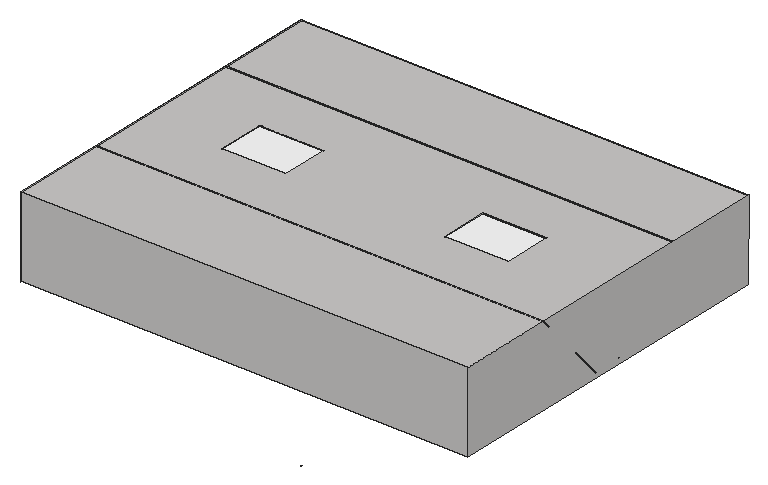
Revit family "QF_ELECTROLUXPROFESSIONAL_642014_EC2228T", category Specialty Equipment, Revit 2014
Reference planes
  plane 1: z = 0
  plane 2 "Center (Left/Right)": x = 150
  plane 3 "LEFT": x = -1250
  plane 4 "RIGHT": x = 1550
  plane 5 "BACK": y = 550
  plane 6 "TOP": z = 2500
  plane 7 "Base": z = 2000
  plane 8: z = 1946
  plane 9: x = -1247
  plane 10 "DrainX": x = 1399
  plane 11 "AOLeft2": x = -350
  plane 12 "AORight1": x = 650
  plane 13: x = 1547
  plane 14: x = -1050
  plane 15: x = 1350
  plane 16: x = 50
  plane 17: x = 250
  plane 18 "AOLeft1": x = -750
  plane 19 "AORight2": x = 1050
  plane 20: y = -400
  plane 21: through (0, -127.846, 2402.468) normal (0, -0.753, 0.6581)
  plane 22: through (0, -972.152, 2402.468) normal (0, -0.753, -0.6581)
  plane 23: y = -700
  plane 24 "Center (Front/Back)": y = -550
  plane 25: y = -1650
Forms (mm)
  Extrusion 1, solid, material "QF_Finishes_Stainless Steel"
    sketch origin (-1250, 0, 360) x (0, 1, 0) y (0, 0, 1)
      loop
        line (550, 1640) -> (550, 2140) -> (-1650, 2140) -> (-1650, 1640) -> (550, 1640)
    from 0 to 3
  Extrusion 2, solid, material "QF_Finishes_Stainless Steel"
    sketch origin (1550, 0, 360) x (0, 1, 0) y (0, 0, 1)
      loop
        line (550, 1640) -> (550, 2140) -> (-1650, 2140) -> (-1650, 1640) -> (550, 1640)
    from 0 to -3
  Extrusion 3, solid, material "QF_Finishes_Stainless Steel"
    sketch origin (150, 0, 360) x (0, 1, 0) y (0, 0, 1)
      loop
        line (-1650, 2140) -> (-1650, 1640) -> (-1640, 1640) -> (-1640, 1640.8) -> (-1649.2, 1640.8) -> (-1649.2, 2139.19) -> (549.2, 2139.19) -> (549.2, 1640.8) -> (540, 1640.8) -> (540, 1640) -> (550, 1640) -> (550, 2140) -> (-1650, 2140)
    from -1400 to 1400
  Extrusion 4, void
    sketch origin (0, 0, 2500) x (0, 1, 0) y (-1, 0, 0)
      loop
        line (-400, 350) -> (-400, 750) -> (-700, 750) -> (-700, 350) -> (-400, 350)
    from 0 to -10
  Extrusion 5, solid, material "QF_Finishes_Stainless Steel"
    sketch origin (0, 0, 0) x (1, 0, 0) y (0, 1, 0)
      loop
        line (-1250, 550) -> (-1250, 549) -> (-1249, 549) -> (-1249, 550) -> (-1250, 550)
    from 0 to 1
  Extrusion 6, solid, material "QF_Finishes_Stainless Steel"
    sketch origin (150, -400, 360) x (0, 1, 0) y (0, 0, 1)
      loop
        line (-79.471, 1685.734) -> (-56.882, 1665.992) -> (272.154, 2042.468) -> (249.566, 2062.21) -> (-79.471, 1685.734)
      loop
        line (-572.152, 2042.468) -> (-243.115, 1665.992) -> (-220.526, 1685.734) -> (-549.563, 2062.21) -> (-572.152, 2042.468)
    from -1200 to -1397
  Extrusion 7, solid, material "QF_Finishes_Stainless Steel"
    sketch origin (150, -400, 360) x (0, 1, 0) y (0, 0, 1)
      loop
        line (360.354, 2141.454) -> (357.903, 2143.511) -> (264.331, 2031.996) -> (266.169, 2030.453) -> (357.41, 2139.19) -> (358.454, 2139.19) -> (360.354, 2141.454)
      loop
        line (-560.354, 2022.279) -> (-557.903, 2024.336) -> (-564.331, 2031.996) -> (-566.169, 2030.453) -> (-657.41, 2139.19) -> (-658.454, 2139.19) -> (-560.354, 2022.279)
      loop
        arc (-83.944, 1704.554) -> (-84.545, 1704.706) -> (-85.077, 1704.389) r 0.81
        line (-85.077, 1704.389) -> (-99.535, 1684.991) -> (-116.611, 1687.002) -> (-113.609, 1712.615) -> (-114.407, 1712.708) -> (-117.406, 1687.095)
        arc (-117.406, 1687.095) -> (-117.237, 1686.499) -> (-116.695, 1686.197) r 0.81
        line (-116.695, 1686.197) -> (-99.628, 1684.196)
        arc (-99.628, 1684.196) -> (-99.213, 1684.257) -> (-98.884, 1684.517) r 0.81
        line (-98.884, 1684.517) -> (-84.436, 1703.911) -> (-73.692, 1695.919) -> (-99.855, 1660.79) -> (-200.145, 1660.79) -> (-226.308, 1695.919) -> (-215.564, 1703.911) -> (-201.116, 1684.517)
        arc (-201.116, 1684.517) -> (-200.787, 1684.257) -> (-200.372, 1684.196) r 0.81
        line (-200.372, 1684.196) -> (-183.305, 1686.197)
        arc (-183.305, 1686.197) -> (-182.763, 1686.499) -> (-182.594, 1687.095) r 0.81
        line (-182.594, 1687.095) -> (-185.593, 1712.708) -> (-186.391, 1712.615) -> (-183.389, 1687.002) -> (-200.465, 1684.991) -> (-214.923, 1704.389)
        arc (-214.923, 1704.389) -> (-215.455, 1704.706) -> (-216.056, 1704.554) r 0.81
        line (-216.056, 1704.554) -> (-226.786, 1696.561)
        arc (-226.786, 1696.561) -> (-227.103, 1696.028) -> (-226.951, 1695.427) r 0.81
        line (-226.951, 1695.427) -> (-200.843, 1660.381)
        arc (-200.843, 1660.381) -> (-200.5, 1660.093) -> (-200.063, 1659.99) r 0.972
        line (-200.063, 1659.99) -> (-99.951, 1659.99)
        arc (-99.951, 1659.99) -> (-99.502, 1660.096) -> (-99.149, 1660.393) r 1
        line (-99.149, 1660.393) -> (-73.049, 1695.427)
        arc (-73.049, 1695.427) -> (-72.897, 1696.028) -> (-73.214, 1696.561) r 0.81
        line (-73.214, 1696.561) -> (-83.944, 1704.554)
    from -1397 to 1397
  Extrusion 8, solid, material "QF_Finishes_Stainless Steel"
    sketch origin (150, -400, 360) x (0, 1, 0) y (0, 0, 1)
      loop
        line (272.154, 2042.468) -> (249.566, 2062.21) -> (-79.471, 1685.734) -> (-56.882, 1665.992) -> (272.154, 2042.468)
      loop
        line (-572.154, 2042.468) -> (-243.118, 1665.992) -> (-220.529, 1685.734) -> (-549.566, 2062.21) -> (-572.154, 2042.468)
    from 1397 to 1200
  Extrusion 9, solid, material "QF_Finishes_Stainless Steel"
    sketch origin (150, -400, 360) x (0, 1, 0) y (0, 0, 1)
      loop
        line (272.154, 2042.468) -> (249.566, 2062.21) -> (-79.471, 1685.734) -> (-56.882, 1665.992) -> (272.154, 2042.468)
      loop
        line (-572.154, 2042.468) -> (-243.118, 1665.992) -> (-220.529, 1685.734) -> (-549.566, 2062.21) -> (-572.154, 2042.468)
    from -100 to 100
  Extrusion 10, solid, material "QF_Finished_Chrome"
    sketch origin (150, -400, 360) x (0, 1, 0) y (0, 0, 1)
      loop
        line (249.566, 2062.21) -> (-79.471, 1685.734) -> (-56.882, 1665.992) -> (272.154, 2042.468) -> (249.566, 2062.21)
      loop
        line (-549.566, 2062.21) -> (-572.154, 2042.468) -> (-243.118, 1665.992) -> (-220.529, 1685.734) -> (-549.566, 2062.21)
    from -1200 to -100
  Extrusion 11, solid, material "QF_Finished_Chrome"
    sketch origin (150, -400, 360) x (0, 1, 0) y (0, 0, 1)
      loop
        line (272.154, 2042.468) -> (249.566, 2062.21) -> (-79.471, 1685.734) -> (-56.882, 1665.992) -> (272.154, 2042.468)
      loop
        line (-572.154, 2042.468) -> (-243.118, 1665.992) -> (-220.529, 1685.734) -> (-549.566, 2062.21) -> (-572.154, 2042.468)
    from 100 to 1200
  Sweep 12, solid, material "QF_Finishes_Stainless Steel"
    path origin (0, 0, 0) x (1, 0, 0) y (0, 1, 0)
      loop
        line (1550, 550) -> (-1250, 550) -> (-1250, -1650) -> (1550, -1650) -> (1550, 550)
    profile origin (1550, -550, 0) x (1, 0, 0) y (0, 0, 1)
      loop
        line (-3, 2000) -> (-3, 2000.8) -> (-19, 2000.8) -> (-19, 2010) -> (-20, 2010) -> (-20, 2000) -> (-3, 2000)
  Extrusion 13, void
    sketch origin (0, 0, 2500) x (0, 1, 0) y (-1, 0, 0)
      loop
        line (-400, -1050) -> (-400, -650) -> (-700, -650) -> (-700, -1050) -> (-400, -1050)
    from 0 to -10
  Extrusion 14, solid, material "QF_Finishes_Stainless Steel"
    sketch origin (1399, 0, 0) x (0, 1, 0) y (0, 0, 1)
      loop
        arc (-518.5, 1946) -> (-511.429, 1948.929) -> (-508.5, 1956) r 10
        line (-508.5, 1956) -> (-508.5, 2000.8) -> (-591.5, 2000.8) -> (-591.5, 1956)
        arc (-591.5, 1956) -> (-588.571, 1948.929) -> (-581.5, 1946) r 10
        line (-581.5, 1946) -> (-518.5, 1946)
    from -90 to 90
  Extrusion 15, solid, material "QF_Finishes_Stainless Steel"
    sketch origin (0, -1100, 2000) x (0, 1, 0) y (-1, 0, 0)
      loop
        circle (550, -1399) r 6.35
    from -3.799 to 0
Cuts and joins
  Extrusion 4, Extrusion 13 cuts Extrusion 3
  joined: Extrusion 2, Extrusion 3, Sweep 12
Lines and regions (mm)
  symbolic lines, style "SpecialityEquipment", detail levels coarse
    curve 1: line (1550, 550, 2500) -> (-1250, 550, 2500)
    curve 2: line (-1250, 550, 2500) -> (-1250, -1640, 2500)
    curve 3: line (1550, -1650, 2500) -> (1550, 550, 2500)
    curve 4: line (-1250, 550, 0) -> (1550, -1650, 0)
    curve 5: line (1550, 550, 0) -> (-1247, -1650, 0)
  symbolic lines, detail levels coarse
    curve 6: line (-1247, -1650, 0) -> (1550, -1650, 0)
    curve 7: line (-750, -700, 0) -> (-350, -700, 0)
    curve 8: line (-750, -400, 0) -> (-750, -700, 0)
    curve 9: line (-350, -400, 0) -> (-750, -400, 0)
    curve 10: line (-350, -700, 0) -> (-350, -400, 0)
    curve 11: line (650, -400, 0) -> (650, -700, 0)
    curve 12: line (1050, -400, 0) -> (650, -400, 0)
    curve 13: line (1050, -700, 0) -> (1050, -400, 0)
    curve 14: line (650, -700, 0) -> (1050, -700, 0)
Dimensions and locks
  plane 3 "LEFT" to plane 4 "RIGHT" = 2800 mm
  equal spacing: plane 3 "LEFT", plane 2 "Center (Left/Right)", plane 4 "RIGHT"
  plane 3 "LEFT" to plane 9 = 3 mm
  plane 10 "DrainX" to plane 4 "RIGHT" = 151 mm
  plane 13 to plane 4 "RIGHT" = 3 mm
  plane 3 "LEFT" to plane 14 = 200 mm
  plane 15 to plane 4 "RIGHT" = 200 mm
  locked: plane 11 "AOLeft2" to plane 12 "AORight1" at 1000
  equal spacing: plane 11 "AOLeft2", plane 2 "Center (Left/Right)", plane 12 "AORight1"
  locked: plane 7 "Base" to level at 2000
  locked: plane 16 to plane 17 at 200
  equal spacing: plane 16, plane 2 "Center (Left/Right)", plane 17
  plane 18 "AOLeft1" to plane 11 "AOLeft2" = 400 mm
  plane 12 "AORight1" to plane 19 "AORight2" = 400 mm
  plane 7 "Base" to plane 8 = 54 mm
  locked: plane 6 "TOP" to plane 7 "Base" at 500
  plane 5 "BACK" to plane 25 = 2200 mm  (x2)
  equal spacing: plane 5 "BACK", plane 24 "Center (Front/Back)", plane 25
  plane 23 to plane 20 = 300 mm
  equal spacing: plane 23, plane 24 "Center (Front/Back)", plane 20
  aligned and locked: level to plane 1
  aligned and locked: plane 4 "RIGHT" to Extrusion 3
  aligned and locked: Extrusion 3 to plane 3 "LEFT"
  aligned and locked: Extrusion 6 to plane 9
  aligned and locked: plane 14 to Extrusion 6
  aligned and locked: Extrusion 2 to plane 13
  aligned and locked: plane 13 to Extrusion 8
  aligned and locked: plane 15 to Extrusion 8
  aligned and locked: plane 17 to Extrusion 9
  aligned and locked: Extrusion 9 to plane 16
  aligned and locked: plane 16 to Extrusion 10
  aligned and locked: Extrusion 10 to plane 14
  aligned and locked: Extrusion 11 to plane 17
  aligned and locked: Extrusion 11 to plane 15
  aligned and locked: Extrusion 7 to plane 9
  aligned and locked: Extrusion 7 to plane 13
  aligned and locked: Extrusion 4 to plane 18 "AOLeft1"
  aligned and locked: Extrusion 4 to plane 11 "AOLeft2"
  aligned and locked: plane 12 "AORight1" to Extrusion 13
  aligned and locked: plane 19 "AORight2" to Extrusion 13
  aligned and locked: plane 23 to Extrusion 13
  aligned and locked: plane 23 to Extrusion 4
  aligned and locked: plane 20 to Extrusion 13
  aligned and locked: plane 20 to Extrusion 4
  aligned and locked: curve 7 to Extrusion 4
  aligned and locked: curve 8 to Extrusion 4
  aligned and locked: curve 9 to Extrusion 4
  aligned and locked: curve 10 to Extrusion 4
  aligned and locked: curve 11 to Extrusion 13
  aligned and locked: curve 12 to Extrusion 13
  aligned and locked: curve 13 to Extrusion 13
  aligned and locked: curve 14 to Extrusion 13
Automatic sketch dimensions
  Extrusion 1 sketch curve to plane 7 "Base" = 0 mm
  Extrusion 1 sketch curve to plane 5 "BACK" = 0 mm
  Extrusion 1 sketch curve to plane 6 "TOP" = 0 mm
  Extrusion 2 sketch curve to plane 7 "Base" = 0 mm
  Extrusion 2 sketch curve to plane 5 "BACK" = 0 mm
  Extrusion 2 sketch curve to plane 6 "TOP" = 0 mm
  Extrusion 3 sketch curve to plane 6 "TOP" = 0 mm
  Extrusion 3 sketch curve to plane 7 "Base" = 0 mm  (x2)
  Extrusion 3 sketch curve to plane 5 "BACK" = 0 mm
  Extrusion 3 sketch curve to Extrusion 3 sketch curve = 9.2 mm
  plane 7 "Base" to Extrusion 3 sketch curve = 0.8 mm  (x2)
  Extrusion 3 sketch curve to plane 5 "BACK" = 10 mm
  Extrusion 3 sketch curve to plane 5 "BACK" = 0.8 mm
  Extrusion 3 sketch curve to plane 6 "TOP" = 0.81 mm
  Extrusion 4 sketch curve to plane 11 "AOLeft2" = 0 mm
  Extrusion 4 sketch curve to plane 18 "AOLeft1" = 0 mm
  Extrusion 5 sketch curve to plane 3 "LEFT" = 0 mm
  Extrusion 5 sketch curve to plane 5 "BACK" = 0 mm
  plane 3 "LEFT" to Extrusion 5 sketch curve = 1 mm
  Extrusion 5 sketch curve to Extrusion 5 sketch curve = 1 mm
  Sweep 12 sketch curve to plane 3 "LEFT" = 0 mm
  Sweep 12 sketch curve to plane 4 "RIGHT" = 0 mm
  Sweep 12 sketch curve to plane 5 "BACK" = 0 mm
  profile plane to Sweep 12 sketch curve = 20 mm
  Sweep 12 sketch curve to Sweep 12 sketch curve = 1 mm
  profile plane to Sweep 12 sketch curve = 3 mm
  level to Sweep 12 sketch curve = 2000 mm
  Sweep 12 sketch curve to Sweep 12 sketch curve = 0.8 mm
  Sweep 12 sketch curve to Sweep 12 sketch curve = 9.2 mm
  Extrusion 13 sketch curve to plane 11 "AOLeft2" = 1400 mm
  plane 18 "AOLeft1" to Extrusion 13 sketch curve = 1400 mm
  Extrusion 13 sketch curve to Extrusion 13 sketch curve = 300 mm
  Extrusion 3 sketch curve to Extrusion 3 sketch curve = 0.8 mm
  Extrusion 6 sketch curve to plane 21 = 0 mm  (x2)
  Extrusion 6 sketch curve to plane 6 "TOP" = 77.79 mm  (x2)
  plane 7 "Base" to Extrusion 6 sketch curve = 25.992 mm  (x2)
  plane 7 "Base" to Extrusion 6 sketch curve = 45.734 mm
  Extrusion 6 sketch curve to plane 22 = 0 mm
  plane 22 to Extrusion 6 sketch curve = 0 mm
  Extrusion 10 sketch curve to plane 21 = 0 mm  (x2)
  Extrusion 10 sketch curve to plane 6 "TOP" = 77.79 mm  (x2)
  Extrusion 10 sketch curve to Extrusion 10 sketch curve = 22.589 mm
  plane 7 "Base" to Extrusion 10 sketch curve = 25.992 mm  (x2)
  Extrusion 9 sketch curve to plane 21 = 0 mm  (x2)
  Extrusion 9 sketch curve to plane 6 "TOP" = 77.79 mm  (x2)
  Extrusion 9 sketch curve to Extrusion 9 sketch curve = 22.589 mm
  plane 7 "Base" to Extrusion 9 sketch curve = 25.992 mm  (x2)
  Extrusion 11 sketch curve to plane 21 = 0 mm  (x2)
  Extrusion 11 sketch curve to plane 6 "TOP" = 77.79 mm  (x2)
  Extrusion 11 sketch curve to Extrusion 11 sketch curve = 22.589 mm
  plane 7 "Base" to Extrusion 11 sketch curve = 25.992 mm  (x2)
  Extrusion 8 sketch curve to plane 21 = 0 mm  (x2)
  Extrusion 8 sketch curve to plane 6 "TOP" = 77.79 mm  (x2)
  Extrusion 8 sketch curve to Extrusion 8 sketch curve = 22.589 mm
  plane 7 "Base" to Extrusion 8 sketch curve = 25.992 mm  (x2)
  plane 7 "Base" to Extrusion 8 sketch curve = 45.734 mm
  plane 7 "Base" to Extrusion 9 sketch curve = 45.734 mm
  plane 7 "Base" to Extrusion 10 sketch curve = 45.734 mm
  plane 7 "Base" to Extrusion 11 sketch curve = 45.734 mm
  Extrusion 13 sketch curve to plane 20 = 0 mm
  plane 23 to Extrusion 1 sketch curve = 950 mm
  plane 23 to Extrusion 2 sketch curve = 950 mm
  plane 23 to Extrusion 3 sketch curve = 940 mm
  plane 23 to Sweep 12 sketch curve = 950 mm
  plane 23 to Extrusion 4 sketch curve = 0 mm
  Extrusion 4 sketch curve to plane 20 = 0 mm
  plane 23 to Extrusion 6 sketch curve = 249.563 mm
  Extrusion 8 sketch curve to plane 23 = 79.471 mm
  plane 23 to Extrusion 8 sketch curve = 249.566 mm
  Extrusion 9 sketch curve to plane 23 = 79.471 mm
  plane 23 to Extrusion 9 sketch curve = 249.566 mm
  Extrusion 10 sketch curve to plane 23 = 79.471 mm
  plane 23 to Extrusion 10 sketch curve = 249.566 mm
  Extrusion 11 sketch curve to plane 23 = 79.471 mm
  plane 23 to Extrusion 11 sketch curve = 249.566 mm
  Extrusion 15 sketch curve to plane 10 "DrainX" = 0 mm
  Extrusion 15 sketch curve to plane 24 "Center (Front/Back)" = 0 mm
  Extrusion 14 sketch curve to plane 8 = 0 mm
  plane 8 to Extrusion 14 sketch curve = 10 mm
  Extrusion 14 sketch curve to plane 24 "Center (Front/Back)" = 41.5 mm
  plane 24 "Center (Front/Back)" to Extrusion 14 sketch curve = 31.5 mm
  plane 7 "Base" to Extrusion 14 sketch curve = 0.8 mm
  plane 24 "Center (Front/Back)" to Extrusion 14 sketch curve = 41.5 mm
  Extrusion 7 sketch curve to plane 6 "TOP" = 0.81 mm  (x2)
  plane 23 to Extrusion 7 sketch curve = 358.454 mm
  Extrusion 7 sketch curve to Extrusion 7 sketch curve = 1.044 mm  (x2)
  Extrusion 7 sketch curve to plane 6 "TOP" = 109.547 mm  (x2)
  Extrusion 7 sketch curve to Extrusion 7 sketch curve = 91.241 mm
  Extrusion 7 sketch curve to plane 6 "TOP" = 108.004 mm  (x2)
  Extrusion 7 sketch curve to plane 6 "TOP" = 117.721 mm
  Extrusion 7 sketch curve to plane 23 = 73.049 mm
  Extrusion 7 sketch curve to Extrusion 7 sketch curve = 0.166 mm
  Extrusion 7 sketch curve to Extrusion 7 sketch curve = 0.478 mm  (x4)
  Extrusion 7 sketch curve to Extrusion 7 sketch curve = 0.006 mm  (x4)
  Extrusion 7 sketch curve to Extrusion 7 sketch curve = 10.73 mm  (x2)
  Extrusion 7 sketch curve to Extrusion 7 sketch curve = 0.484 mm  (x4)
  Extrusion 7 sketch curve to Extrusion 7 sketch curve = 0.008 mm  (x4)
  Extrusion 7 sketch curve to Extrusion 7 sketch curve = 0.641 mm  (x2)
  Extrusion 7 sketch curve to Extrusion 7 sketch curve = 14.448 mm
  plane 7 "Base" to Extrusion 7 sketch curve = 20.381 mm
  Extrusion 7 sketch curve to Extrusion 7 sketch curve = 0.273 mm
  Extrusion 7 sketch curve to Extrusion 7 sketch curve = 0.65 mm  (x2)
  Extrusion 7 sketch curve to Extrusion 7 sketch curve = 0.001 mm  (x4)
  Extrusion 7 sketch curve to Extrusion 7 sketch curve = 0.093 mm  (x2)
  plane 7 "Base" to Extrusion 7 sketch curve = 20.79 mm
  Extrusion 7 sketch curve to Extrusion 7 sketch curve = 0.698 mm
  Extrusion 7 sketch curve to Extrusion 7 sketch curve = 0.081 mm
  Extrusion 7 sketch curve to Extrusion 7 sketch curve = 28.531 mm
  Extrusion 7 sketch curve to Extrusion 7 sketch curve = 0.799 mm  (x2)
  Extrusion 7 sketch curve to Extrusion 7 sketch curve = 17.067 mm  (x2)
  Extrusion 7 sketch curve to Extrusion 7 sketch curve = 0.01 mm  (x4)
  Extrusion 7 sketch curve to Extrusion 7 sketch curve = 0.094 mm
  Extrusion 7 sketch curve to Extrusion 7 sketch curve = 0.795 mm  (x2)
  plane 24 "Center (Front/Back)" to Extrusion 7 sketch curve = 32.594 mm
  Extrusion 7 sketch curve to Extrusion 7 sketch curve = 0.71 mm
  Extrusion 7 sketch curve to Extrusion 7 sketch curve = 2.998 mm
  Extrusion 7 sketch curve to Extrusion 7 sketch curve = 16.745 mm
  Extrusion 7 sketch curve to Extrusion 7 sketch curve = 0.095 mm
  plane 7 "Base" to Extrusion 7 sketch curve = 20.393 mm
  Extrusion 7 sketch curve to Extrusion 7 sketch curve = 0.707 mm
  Extrusion 7 sketch curve to Extrusion 7 sketch curve = 0.651 mm
  Extrusion 7 sketch curve to Extrusion 7 sketch curve = 14.456 mm
  plane 20 to Extrusion 7 sketch curve = 264.331 mm
  plane 6 "TOP" to Extrusion 7 sketch curve = 3.511 mm
  Extrusion 7 sketch curve to Extrusion 7 sketch curve = 0.8 mm
  Extrusion 7 sketch curve to Extrusion 7 sketch curve = 23.206 mm
  Extrusion 7 sketch curve to Extrusion 7 sketch curve = 23.234 mm
  Extrusion 7 sketch curve to Extrusion 7 sketch curve = 0.321 mm  (x2)
  Extrusion 7 sketch curve to Extrusion 7 sketch curve = 2.001 mm  (x2)
  Extrusion 7 sketch curve to Extrusion 7 sketch curve = 0.804 mm  (x2)
  Extrusion 7 sketch curve to Extrusion 7 sketch curve = 10.911 mm  (x2)
  Extrusion 7 sketch curve to Extrusion 7 sketch curve = 7.993 mm  (x2)
  Extrusion 7 sketch curve to Extrusion 7 sketch curve = 25.613 mm  (x2)
  Extrusion 7 sketch curve to Extrusion 7 sketch curve = 1.839 mm
  curve 4 to plane 3 "LEFT" = 0 mm
  curve 6 to plane 9 = 0 mm
  curve 6 to plane 4 "RIGHT" = 0 mm
  curve 5 to plane 4 "RIGHT" = 0 mm
  curve 4 to plane 25 = 0 mm
  curve 4 to plane 5 "BACK" = 0 mm
  curve 5 to plane 5 "BACK" = 0 mm
  curve 3 to plane 4 "RIGHT" = 0 mm
  curve 3 to plane 25 = 0 mm
  curve 2 to plane 3 "LEFT" = 0 mm
  curve 2 to plane 5 "BACK" = 0 mm
  plane 25 to curve 2 = 10 mm
  radius of Extrusion 15 sketch curve = 6.35 mm
Connectors
  hvac at (-550, -550, 2500)
    settings: on Extrusion 4, index 2, duct flow 0.0 L/s, flow factor 0, pres drop 0.0 Pa, loss coef 0, conn angle 0.00°, conn width 300 mm, conn height 400 mm, conn diameter 609.6 mm, duct sys type 3, conn prof type 1, flow config 1, flow direction 2, loss method 0, conn ref index -1, conn util no, is conn primary yes, conn desc "EXHAUST OUTLET"
  hvac at (850, -550, 2500)
    settings: on Extrusion 13, index 3, duct flow 0.0 L/s, flow factor 0, pres drop 0.0 Pa, loss coef 0, conn angle 0.00°, conn width 300 mm, conn height 400 mm, conn diameter 609.6 mm, duct sys type 3, conn prof type 1, flow config 1, flow direction 2, loss method 0, conn ref index -1, conn util no, is conn primary no, conn desc "EXHAUST OUTLET"
  piping at (1399, -550, 1996.201), diameter 12.7
    settings: on Extrusion 15, index 4, connector inside diameter 609.6 mm, connector length 0 mm, flow factor 0, pipe flow 0.0 L/s, pressure drop 0.0 Pa, fitting loss kfactor 0, connector angle 0.00°, fixture units 0, engagement length 0 mm, angle of deflection 0.00°, flow configuration 1, flow direction 2, fitting loss method 0, system type 16, joint type 0, gender type 0, connector reference index -1, connector utility 0, adjustable connector no, is connector primary yes, connector description "Drain"
